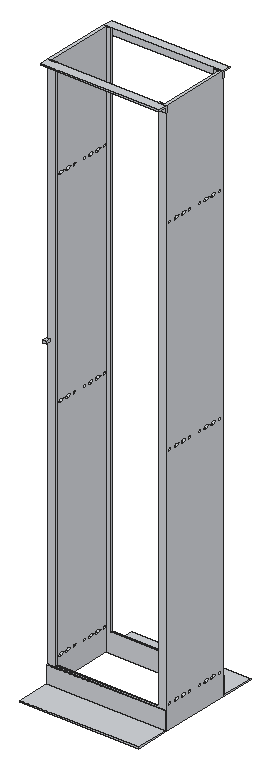
Revit family
Parameters
  Material ID = "760090100"
  Description = "RK12-52A"
Reference planes (in)
  plane 1 "Center (Front/Back)": y = 0
  plane 2: z = 0
  plane 3 "Center (Left/Right)": x = 0
Forms (in)
  Extrusion 1, solid, not visible
    sketch origin (0, -14.305, 0) x (1, 0, 0) y (0, 0, 1)
      loop
        line (-8.5516, 0.86) -> (-8.5516, 0.46) -> (-7.9516, 0.46) -> (-7.9516, 0.86) -> (-8.5516, 0.86)
    from 0 to 0.77696
  Extrusion 2, solid
    sketch origin (0, 0, 0) x (1, 0, 0) y (0, 0, 1)
      loop
        line (-10.155, 42.12) -> (-10.155, -54) -> (10.155, -54) -> (10.155, 42.12) -> (0, 42.12) -> (-10.155, 42.12)
    from 0 to 36
  Extrusion 3, void
    sketch origin (0, 0, 0) x (1, 0, 0) y (0, 0, 1)
      loop
        line (-8.905, 42.12) -> (-8.905, -50.62) -> (8.905, -50.62) -> (8.905, 42.12) -> (-8.905, 42.12)
    from 0 to 36
  Extrusion 4, void
    sketch origin (0, 0, 0) x (0, 1, 0) y (0, 0, 1)
      loop
        line (-12, 44.92) -> (-38, 44.92) -> (-38, -58.24657) -> (-12, -58.24657) -> (-12, 44.92)
    from -31.70377 to 25
  Extrusion 5, void
    sketch origin (0, 0, 0) x (0, 1, 0) y (0, 0, 1)
      loop
        line (-0.2, 59.72052) -> (-11.8, 59.72052) -> (-11.8, -66.46573) -> (-0.2, -66.46573) -> (-0.2, 59.72052)
    from -9.61605 to 9.71756
  Extrusion 6, solid
    sketch origin (0, 0, -24) x (0, 1, 0) y (0, 0, 1)
      loop
        line (-12, -30) -> (-12, -26.8) -> (-12.2, -26.8) -> (-12.2, -29.8) -> (-18, -29.8) -> (-18, -30) -> (-12, -30)
      loop
        line (-12, 66.12) -> (-13.575, 66.12) -> (-13.575, 65.92) -> (-12.2, 65.92) -> (-12.2, 65.06396) -> (-12, 65.06396) -> (-12, 66.12)
      loop
        line (0, 66.12) -> (0, 65.06396) -> (0.2, 65.06396) -> (0.2, 65.92) -> (1.575, 65.92) -> (1.575, 66.12) -> (0, 66.12)
      loop
        line (0, -30) -> (6, -30) -> (6, -29.8) -> (0.2, -29.8) -> (0.2, -26.8) -> (0, -26.8) -> (0, -30)
    from -10.155 to 10.155
  Extrusion 7, void
    sketch origin (0, 0, 0) x (0, 1, 0) y (0, 0, 1)
      loop
        circle (-7.1205, -50) r 0.335
      loop
        arc (-8.1929, -50.335) -> (-7.8579, -50) -> (-8.1929, -49.665) r 0.335
        line (-8.1929, -49.665) -> (-8.6929, -49.665)
        arc (-8.6929, -49.665) -> (-9.0279, -50) -> (-8.6929, -50.335) r 0.335
        line (-8.6929, -50.335) -> (-8.1929, -50.335)
      loop
        arc (-9.6929, -50.335) -> (-9.3579, -50) -> (-9.6929, -49.665) r 0.335
        line (-9.6929, -49.665) -> (-10.1929, -49.665)
        arc (-10.1929, -49.665) -> (-10.5279, -50) -> (-10.1929, -50.335) r 0.335
        line (-10.1929, -50.335) -> (-9.6929, -50.335)
      loop
        circle (-11.38, -50) r 0.335
      loop
        circle (-4.8795, -50) r 0.335
      loop
        line (-3.8071, -50.335) -> (-3.3071, -50.335)
        arc (-3.3071, -50.335) -> (-2.9721, -50) -> (-3.3071, -49.665) r 0.335
        line (-3.3071, -49.665) -> (-3.8071, -49.665)
        arc (-3.8071, -49.665) -> (-4.1421, -50) -> (-3.8071, -50.335) r 0.335
      loop
        line (-2.3071, -50.335) -> (-1.8071, -50.335)
        arc (-1.8071, -50.335) -> (-1.4721, -50) -> (-1.8071, -49.665) r 0.335
        line (-1.8071, -49.665) -> (-2.3071, -49.665)
        arc (-2.3071, -49.665) -> (-2.6421, -50) -> (-2.3071, -50.335) r 0.335
      loop
        circle (-0.62, -50) r 0.335
      loop
        circle (-7.1205, -11) r 0.335
      loop
        arc (-8.1929, -11.335) -> (-7.8579, -11) -> (-8.1929, -10.665) r 0.335
        line (-8.1929, -10.665) -> (-8.6929, -10.665)
        arc (-8.6929, -10.665) -> (-9.0279, -11) -> (-8.6929, -11.335) r 0.335
        line (-8.6929, -11.335) -> (-8.1929, -11.335)
      loop
        arc (-9.6929, -11.335) -> (-9.3579, -11) -> (-9.6929, -10.665) r 0.335
        line (-9.6929, -10.665) -> (-10.1929, -10.665)
        arc (-10.1929, -10.665) -> (-10.5279, -11) -> (-10.1929, -11.335) r 0.335
        line (-10.1929, -11.335) -> (-9.6929, -11.335)
      loop
        circle (-11.38, -11) r 0.335
      loop
        circle (-4.8795, -11) r 0.335
      loop
        line (-3.8071, -11.335) -> (-3.3071, -11.335)
        arc (-3.3071, -11.335) -> (-2.9721, -11) -> (-3.3071, -10.665) r 0.335
        line (-3.3071, -10.665) -> (-3.8071, -10.665)
        arc (-3.8071, -10.665) -> (-4.1421, -11) -> (-3.8071, -11.335) r 0.335
      loop
        line (-2.3071, -11.335) -> (-1.8071, -11.335)
        arc (-1.8071, -11.335) -> (-1.4721, -11) -> (-1.8071, -10.665) r 0.335
        line (-1.8071, -10.665) -> (-2.3071, -10.665)
        arc (-2.3071, -10.665) -> (-2.6421, -11) -> (-2.3071, -11.335) r 0.335
      loop
        circle (-0.62, -11) r 0.335
      loop
        circle (-7.1205, 24) r 0.335
      loop
        arc (-8.1929, 23.665) -> (-7.8579, 24) -> (-8.1929, 24.335) r 0.335
        line (-8.1929, 24.335) -> (-8.6929, 24.335)
        arc (-8.6929, 24.335) -> (-9.0279, 24) -> (-8.6929, 23.665) r 0.335
        line (-8.6929, 23.665) -> (-8.1929, 23.665)
      loop
        arc (-9.6929, 23.665) -> (-9.3579, 24) -> (-9.6929, 24.335) r 0.335
        line (-9.6929, 24.335) -> (-10.1929, 24.335)
        arc (-10.1929, 24.335) -> (-10.5279, 24) -> (-10.1929, 23.665) r 0.335
        line (-10.1929, 23.665) -> (-9.6929, 23.665)
      loop
        circle (-11.38, 24) r 0.335
      loop
        circle (-4.8795, 24) r 0.335
      loop
        line (-3.8071, 23.665) -> (-3.3071, 23.665)
        arc (-3.3071, 23.665) -> (-2.9721, 24) -> (-3.3071, 24.335) r 0.335
        line (-3.3071, 24.335) -> (-3.8071, 24.335)
        arc (-3.8071, 24.335) -> (-4.1421, 24) -> (-3.8071, 23.665) r 0.335
      loop
        line (-2.3071, 23.665) -> (-1.8071, 23.665)
        arc (-1.8071, 23.665) -> (-1.4721, 24) -> (-1.8071, 24.335) r 0.335
        line (-1.8071, 24.335) -> (-2.3071, 24.335)
        arc (-2.3071, 24.335) -> (-2.6421, 24) -> (-2.3071, 23.665) r 0.335
      loop
        circle (-0.62, 24) r 0.335
    from -24.88707 to 25.18322
Cuts and joins
  Extrusion 3, Extrusion 4, Extrusion 5, Extrusion 7 cuts Extrusion 2
  Extrusion 7 cuts Extrusion 6
